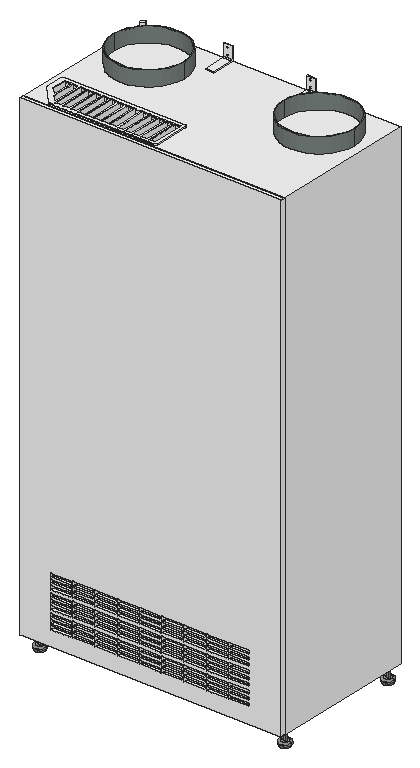
Revit family "AM 950 F VV", category Mechanical Equipment, Revit 2019 (continued)
Automatic sketch dimensions
  Revolve 13 sketch curve to Revolve 13 sketch curve = 0 mm  (x3)
  plane 5 "Center L/T" to Extrusion 14 sketch curve = 35.042 mm
  Extrusion 14 sketch curve to plane 4 "Center L/S" = 67 mm
  Blend 15 sketch curve to plane 6 "Center L/U" = 35 mm  (x2)
  Blend 15 sketch curve to plane 4 "Center L/S" = 67 mm  (x2)
  level to Revolve 16 sketch curve = 9 mm
  Revolve 16 sketch curve to plane 6 "Center L/U" = 60 mm
  Revolve 16 sketch curve to Revolve 16 sketch curve = 6 mm  (x2)
  Revolve 16 sketch curve to Revolve 16 sketch curve = 19 mm
  Revolve 16 sketch curve to Revolve 16 sketch curve = 0 mm  (x3)
  Extrusion 17 sketch curve to plane 6 "Center L/U" = 35 mm
  Extrusion 17 sketch curve to plane 4 "Center L/S" = 67 mm
  Extrusion 18 sketch curve to Extrusion 18 sketch curve = 0 mm  (x2)
  Extrusion 18 sketch curve to Extrusion 1 = 200 mm  (x2)
  Extrusion 19 sketch curve to Extrusion 19 sketch curve = 0 mm  (x2)
  Extrusion 19 sketch curve to Extrusion 1 = 200 mm  (x2)
  Extrusion 20 sketch curve to Extrusion 3 = 11 mm
  Extrusion 3 to Extrusion 20 sketch curve = 10 mm
  Extrusion 20 sketch curve to Extrusion 3 = 19 mm  (x2)
  Extrusion 21 sketch curve to Extrusion 3 = 11 mm
  Extrusion 3 to Extrusion 21 sketch curve = 10 mm
  Extrusion 3 to Extrusion 21 sketch curve = 347 mm
  Extrusion 21 sketch curve to Extrusion 21 sketch curve = 0 mm
  plane 7 to Extrusion 22 sketch curve = 0 mm
  plane 5 "Center L/T" to Extrusion 22 sketch curve = 35.508 mm
  level to Extrusion 3 sketch curve = 2253.598 mm
  level to Extrusion 4 sketch curve = 2253.598 mm
  Extrusion 2 sketch curve to Extrusion 2 sketch curve = 2115 mm
  Extrusion 23 sketch curve to plane 4 "Center L/S" = 44 mm  (x3)
  Extrusion 23 sketch curve to Extrusion 23 sketch curve = 0 mm  (x19)
  Extrusion 23 sketch curve to Extrusion 23 sketch curve = 1.96 mm  (x12)
  Extrusion 23 sketch curve to Extrusion 23 sketch curve = 2.031 mm
  Extrusion 23 sketch curve to Extrusion 23 sketch curve = 8.974 mm
  Extrusion 23 sketch curve to Extrusion 23 sketch curve = 1.349 mm
  Extrusion 23 sketch curve to Extrusion 23 sketch curve = 27.9 mm
  Extrusion 23 sketch curve to Extrusion 23 sketch curve = 1.328 mm
  Extrusion 23 sketch curve to Extrusion 23 sketch curve = 9.222 mm
  Extrusion 23 sketch curve to Extrusion 23 sketch curve = 1.311 mm
  plane 5 "Center L/T" to Extrusion 23 sketch curve = 49.503 mm
  Extrusion 23 sketch curve to Extrusion 23 sketch curve = 28.013 mm
  Extrusion 23 sketch curve to Extrusion 23 sketch curve = 1.317 mm
  Extrusion 23 sketch curve to Extrusion 23 sketch curve = 91.258 mm
  Extrusion 23 sketch curve to Extrusion 23 sketch curve = 0.006 mm  (x2)
  Extrusion 23 sketch curve to plane 3 "Center (Left/Right)" = 85.001 mm
  Extrusion 23 sketch curve to Extrusion 23 sketch curve = 138.04 mm
  Extrusion 23 sketch curve to plane 3 "Center (Left/Right)" = 14 mm
  Extrusion 23 sketch curve to Extrusion 23 sketch curve = 0.007 mm
  Extrusion 23 sketch curve to Extrusion 23 sketch curve = 0.053 mm
  Extrusion 23 sketch curve to Extrusion 23 sketch curve = 1.953 mm  (x2)
  Extrusion 23 sketch curve to Extrusion 23 sketch curve = 2.006 mm
  Extrusion 23 sketch curve to Extrusion 23 sketch curve = 2.001 mm  (x11)
  Extrusion 23 sketch curve to Extrusion 23 sketch curve = 1.999 mm
  Extrusion 23 sketch curve to Extrusion 23 sketch curve = 26.999 mm  (x6)
  Extrusion 23 sketch curve to Extrusion 23 sketch curve = 5.5 mm  (x14)
  Extrusion 23 sketch curve to Extrusion 23 sketch curve = 27.04 mm  (x5)
  Extrusion 23 sketch curve to Extrusion 23 sketch curve = 26.969 mm
  Extrusion 23 sketch curve to Extrusion 23 sketch curve = 2.022 mm
  Extrusion 23 sketch curve to Extrusion 23 sketch curve = 24.986 mm
  Extrusion 23 sketch curve to Extrusion 23 sketch curve = 1.484 mm
  Extrusion 23 sketch curve to Extrusion 23 sketch curve = 1.967 mm
  Extrusion 23 sketch curve to Extrusion 23 sketch curve = 1.472 mm
  Extrusion 24 sketch curve to Extrusion 1 = 26 mm
  Extrusion 24 sketch curve to Extrusion 24 sketch curve = 2.576 mm
  Extrusion 24 sketch curve to Extrusion 24 sketch curve = 10 mm  (x2)
  Extrusion 24 sketch curve to Extrusion 24 sketch curve = 10.113 mm
  Extrusion 24 sketch curve to Extrusion 1 = 13.332 mm
  Extrusion 24 sketch curve to Extrusion 1 = 101.513 mm
  Extrusion 24 sketch curve to Extrusion 24 sketch curve = 7.452 mm
  Extrusion 24 sketch curve to Extrusion 1 = 10 mm
  Extrusion 24 sketch curve to Extrusion 24 sketch curve = 455.035 mm
  Extrusion 24 sketch curve to Extrusion 24 sketch curve = 0 mm
  Extrusion 24 sketch curve to Extrusion 1 = 94.849 mm
  Extrusion 24 sketch curve to Extrusion 24 sketch curve = 152.354 mm
  radius of Blend 6 sketch curve = 21 mm
  radius of Blend 6 sketch curve = 25 mm
  radius of Extrusion 8 sketch curve = 5 mm
  radius of Blend 9 sketch curve = 21 mm
  radius of Blend 9 sketch curve = 25 mm
  radius of Extrusion 11 sketch curve = 5 mm
  radius of Blend 12 sketch curve = 21 mm
  radius of Blend 12 sketch curve = 25 mm
  radius of Extrusion 14 sketch curve = 5 mm
  radius of Blend 15 sketch curve = 21 mm
  radius of Blend 15 sketch curve = 25 mm
  radius of Extrusion 17 sketch curve = 5 mm
  radius of Extrusion 18 sketch curve = 157.5 mm
  radius of Extrusion 18 sketch curve = 154.5 mm
  radius of Extrusion 19 sketch curve = 157.5 mm
  radius of Extrusion 19 sketch curve = 154.5 mm
  radius of Extrusion 20 sketch curve = 4 mm  (x2)
  radius of Extrusion 21 sketch curve = 4 mm  (x2)
  radius of Extrusion 22 sketch curve = 10 mm
Nested families
  nested 1: "Model Label 2019" at (17.5, -257.425, 0), Label <- "Model", type "Model Label 2019"
    with Label "AM 950 F VV"
  nested 2: "indblæssymbol" at (-1198.5, -554, 2153.598) x (0, 0, 1) z (-1, 0, 0), type "indblæssymbol"
    with dX_ 609 mm, dX 609 mm, ang2D 0.00°
  nested 3: "Pil Indtag" at (-1198.5, -1200, 449.598) x (0, 1, 0) z (-1, 0, 0), type "Pil Indtag"
    with dX_ 609 mm, dX 609 mm, ang2D 0.00°
  nested 4: "indblæssymbol" at (-333, -660, 2158.598) x (0, 0, 1) z (0, -1, 0), type "indblæssymbol"
    with dX_ 609 mm, dX 609 mm, ang2D 0.00°
  nested 5: "Pil Indtag" at (0, -1159.552, 0) x (0, 1, 0) z (0, 0, 1), type "Pil Indtag"
    with dX_ 609 mm, dX 609 mm, ang2D 0.00°
Connectors
  hvac at (-375, -200, 2193.598)
    settings: on Extrusion 18, index 4, duct flow 0.0 L/s, flow factor 0, pres drop 0.0 Pa, loss coef 0, conn angle 0.00°, conn width 304.8 mm, conn height 304.8 mm, conn diameter 315 mm, duct sys type 3, conn prof type 0, flow config 0, flow direction 2, loss method 0, conn ref index -1, conn util no, is conn primary yes, conn desc ""
  hvac at (375, -200, 2193.598)
    settings: on Extrusion 19, index 5, duct flow 0.0 L/s, flow factor 0, pres drop 0.0 Pa, loss coef 0, conn angle 0.00°, conn width 304.8 mm, conn height 304.8 mm, conn diameter 315 mm, duct sys type 1, conn prof type 0, flow config 0, flow direction 1, loss method 0, conn ref index -1, conn util no, is conn primary no, conn desc ""
  electrical at (-539.492, -26, 2228.598)
    settings: on Extrusion 22, index 6, voltage 0 V, apparent load 0 VA, apparent load phase1 0 VA, apparent load phase2 0 VA, apparent load phase3 0 VA, power factor 1, load classification "Other", number of poles 1, system type 31, power factor state 1, is connector primary yes, connector utility no, sub classification motor no, connector description ""
Definition of nested family "Model Label 2019"
  Parameters (values of type "Model Label 2019")
    Label [instance] = ""
  Reference planes
    plane 1: y = 0
    plane 2: x = 0
  Text (mm)
    label "Label" at (-0.131, 0.049, 0), shows "Label"
Definition of nested family "indblæssymbol"
  Parameters (values of type "indblæssymbol")
    dX_ [instance] = if(dX = 0 mm, 1 mm, dX)  # 609 mm
    dX [instance] = 609 mm
    ang2D [instance] = 0.00°
    Type Comments = "DO NOT CHANGE dX value from 608 mm ( 2 ft )"
    Afstand pil = 50 mm
  Reference planes
    plane 1 "Center (Front/Back)": y = 0
    plane 2: z = 0
    plane 3 "Center (Left/Right)": x = 0
  Lines and regions (mm)
    Filled region 1, type "Concrete", in view "Ref. Level"
      outline origin (50.005, 0, 0) x (1, 0, 0) y (0, 1, 0)
        loop
          line (399.995, 0.414) -> (301.442, 17.365) -> (301.588, -17.365) -> (399.995, 0.414)
    reference lines, in view "Ref. Level"
      curve 1: line (50, 134.129, 0) -> (50, -145.871, 0)
    detail lines, in view "Ref. Level"
      curve 2: line (351.52, 0, 0) -> (50, 0, 0)
  Dimensions and locks
    "Afstand pil": plane 3 "Center (Left/Right)" to curve 1
    curve 1 to Filled region 1 = 400 mm
  Automatic sketch dimensions
    Filled region 1 sketch curve to plane 1 "Center (Front/Back)" = 0.414 mm
    plane 3 "Center (Left/Right)" to Filled region 1 sketch curve = 450 mm
    plane 1 "Center (Front/Back)" to Filled region 1 sketch curve = 17.365 mm
    Filled region 1 sketch curve to Filled region 1 sketch curve = 98.407 mm
    Filled region 1 sketch curve to plane 1 "Center (Front/Back)" = 17.365 mm
    Filled region 1 sketch curve to Filled region 1 sketch curve = 0.146 mm
    plane 1 "Center (Front/Back)" to curve 2 = 0 mm
    plane 3 "Center (Left/Right)" to curve 2 = 50 mm
    curve 2 to curve 2 = 301.52 mm
    plane 1 "Center (Front/Back)" to curve 1 = 145.871 mm
    curve 1 to plane 1 "Center (Front/Back)" = 134.129 mm
Definition of nested family "Pil Indtag"
  Parameters (values of type "Pil Indtag")
    dX_ [instance] = if(dX = 0 mm, 1 mm, dX)  # 609 mm
    dX [instance] = 609 mm
    ang2D [instance] = 0.00°
    Type Comments = "DO NOT CHANGE dX value from 608 mm ( 2 ft )"
    Afstand pil = 50 mm
  Reference planes
    plane 1 "Center (Front/Back)": y = 0
    plane 2: z = 0
    plane 3 "Center (Left/Right)": x = 0
    plane 4: x = 500
  Lines and regions (mm)
    Filled region 1, type "Concrete", in view "Ref. Level"
      outline origin (0, 0, 0) x (1, 0, 0) y (0, 1, 0)
        loop
          line (499.552, 0) -> (401.072, 17.365) -> (401.072, -17.365) -> (499.552, 0)
    reference lines, in view "Ref. Level"
      curve 1: line (50, 134.129, 0) -> (50, -145.871, 0)
    detail lines, in view "Ref. Level", not visible
      curve 2: arc (335, 0, 0) -> (385.559, -50.321, 0) -> (434.999, 1.101, 0) r 50.01
      curve 3: arc (335, 0, 0) -> (285.666, 52.633, 0) -> (235.069, 1.212, 0) r 50.01
      curve 4: line (434.999, 1.101, 0) -> (434.999, 21.156, 0)
      curve 5: line (235.069, 1.212, 0) -> (235.069, -18.844, 0)
    detail lines, in view "Ref. Level"
      curve 6: arc (225.332, 0, 0) -> (272.332, -35.211, 0) -> (294.114, 19.326, 0) r 36.995
      curve 7: arc (225.206, 0, 0) -> (173.868, 30.307, 0) -> (156.85, -26.829, 0) r 37.835
      curve 8: line (499.552, 0, 0) -> (401.072, 17.365, 0)
      curve 9: line (401.072, 17.365, 0) -> (401.072, -17.365, 0)
      curve 10: line (401.072, -17.365, 0) -> (499.552, 0, 0)
      curve 11: line (499.552, 0, 0) -> (-15.448, 0, 0)
  Dimensions and locks
    "Afstand pil": plane 3 "Center (Left/Right)" to curve 1
    plane 3 "Center (Left/Right)" to plane 4 = 500 mm
  Automatic sketch dimensions
    plane 1 "Center (Front/Back)" to Filled region 1 sketch curve = 0 mm
    Filled region 1 sketch curve to plane 4 = 0.448 mm
    plane 1 "Center (Front/Back)" to Filled region 1 sketch curve = 17.365 mm
    Filled region 1 sketch curve to plane 4 = 98.928 mm
    Filled region 1 sketch curve to plane 1 "Center (Front/Back)" = 17.365 mm
    plane 1 "Center (Front/Back)" to curve 11 = 0 mm
    plane 1 "Center (Front/Back)" to curve 7 = 4.913 mm
    plane 3 "Center (Left/Right)" to curve 7 = 187.691 mm
    curve 6 to plane 1 "Center (Front/Back)" = 0.405 mm
    curve 7 to curve 6 = 74.634 mm
    curve 9 to plane 1 "Center (Front/Back)" = 17.365 mm
    curve 9 to plane 4 = 98.928 mm
    curve 11 to plane 4 = 0.448 mm
    plane 1 "Center (Front/Back)" to curve 10 = 17.365 mm
    curve 7 to curve 7 = 30.842 mm
    curve 11 to plane 3 "Center (Left/Right)" = 15.448 mm
    curve 7 to curve 6 = 37.119 mm
    curve 7 to curve 6 = 0.126 mm
    curve 6 to plane 1 "Center (Front/Back)" = 19.326 mm
    plane 1 "Center (Front/Back)" to curve 1 = 145.871 mm
    curve 1 to plane 1 "Center (Front/Back)" = 134.129 mm
